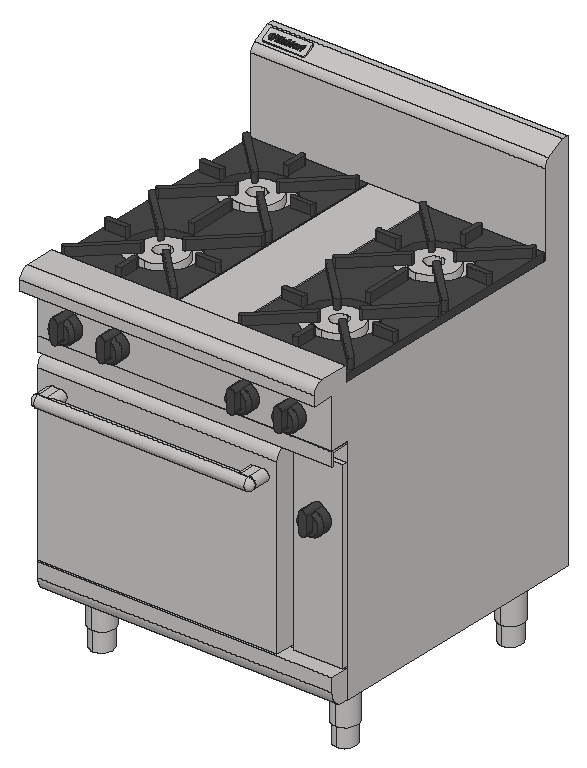
Revit family "QF_MOFFAT WALDORF_RN8510GC", category Specialty Equipment, Revit 2012
Parameters
  Weight in Pounds = 399.0362
  Watts = 130 W
  Volts = 240 V
  URL Cutsheet = "www.moffat.com"
  URL = "www.moffat.com"
  Type Mark [instance] = ""
  Status [instance] = ""
  Specification by User [instance] = ""
  Specification by Manufacturer = ""
  Show Logo [instance] = yes
  Show Clearance [instance] = yes
  Show Casters [instance] = no
  Serial Number = ""
  Seismic Rating = ""
  SMACNA No = ""
  Revision Code [instance] = ""
  Phase = 1
  Omniclass Number and Title = ""
  Number of Poles [instance] = 1
  NAFEM Spec ID Number = ""
  Model = "RN8510GC"
  Min Ckt Ampacity = 0 A
  Mechanical Remarks [instance] = ""
  Mechanical Connection Type [instance] = ""
  Max Overcurrent Protection = 0 A
  Masterspec = ""
  Manufacturer = "MOFFAT WALDORF"
  Legs [instance] = not(Show Casters)  # yes
  Item Number [instance] = ""
  Installed By [instance] = ""
  Identify Quantity as Lot [instance] = yes
  HP = ""
  Gas Size = 3/4"
  Gas RI Height [instance] = 0 mm
  Gas KW [instance] = 39.4
  Gas Input [instance] = 134590.0 Btu/h
  Gas Connection Height = 0 mm
  Furnished By [instance] = ""
  Foodservice Equipment Identifier [instance] = yes
  FL Amps = 0.6 A
  Electrical Remarks [instance] = ""
  Electric Connection Type [instance] = ""
  Elec Conn RI Height [instance] = 0 mm
  Elec Conn Connection Height [instance] = 0 mm
  Description = "RANGE GAS WITH CONVECTION OVEN"
  Cycle = 50 Hz
  Conn Plug = ""
  Conn Conduit = yes
  CSI MasterFormat = ""
  CSI Master Format = ""
  Apparent Power = 0 VA
Reference planes
  plane 1 "BACK": y = 0
  plane 2: z = 0
  plane 3 "LEFT": x = 0
  plane 4 "RIGHT": x = 750
  plane 5 "FRONT": y = -805
  plane 6 "TOP": z = 1130
  plane 7 "Center Y": x = 375
  plane 8 "Center X": y = -402.5
  plane 9: y = -100
  plane 10 "Base Height": z = 150
  plane 11: x = 65.8
  plane 12: x = 620
  plane 13: x = 685
  plane 14: x = 684.2
  plane 15: y = -500
  plane 16: x = 676
  plane 17: y = -625
Forms (mm)
  Extrusion 1, solid, material "QF_Finishes_Stainless Steel"
    sketch origin (0, 0, 0) x (0, 1, 0) y (0, 0, 1)
      loop
        line (-805, 891) -> (-805, 866) -> (-749, 866) -> (-749, 740) -> (-699, 740) -> (-699, 150) -> (0, 150) -> (0, 1130) -> (-16.5, 1130) -> (-58.709, 1105.631)
        arc (-58.709, 1105.631) -> (-66.975, 1097.365) -> (-70, 1086.074) r 22.582
        line (-70, 1086.074) -> (-70, 875) -> (-705, 875) -> (-705, 915) -> (-781, 915)
        arc (-781, 915) -> (-797.971, 907.971) -> (-805, 891) r 24
      loop
        line (-701, 222.5) -> (-749, 222.5) -> (-749, 188)
        arc (-749, 188) -> (-737.87, 161.13) -> (-711, 150) r 38
        line (-711, 150) -> (-701, 150) -> (-701, 222.5)
      loop
        line (-701, 227.5) -> (-701, 692.5) -> (-722.805, 692.5)
        arc (-722.805, 692.5) -> (-741.328, 684.828) -> (-749, 666.305) r 26.195
        line (-749, 666.305) -> (-749, 227.5) -> (-701, 227.5)
      loop
        line (-749, 738) -> (-749, 703) -> (-745.98, 703) -> (-745.98, 735) -> (-701, 735) -> (-701, 738) -> (-749, 738)
    from 0 to 750
  Extrusion 2, solid, material "QF_Finishes_Stainless Steel"
    sketch origin (555.062, 3, 100) x (1, 0, 0) y (0, 1, 0)
      loop
        circle (65, -35) r 13.5
    from 555 to 640
  Revolve 3, solid, material "QF_Finishes_Stainless Steel", visible <- "Legs"
    sketch origin (65, -165, 0) x (0, 1, 0) y (0, 0, 1)
      loop
        line (33.25, 150) -> (33.25, 50) -> (37.5, 50) -> (37.5, 0) -> (65, 0) -> (65, 150) -> (33.25, 150)
      axis (65, 150) -> (65, 0)
    angle from 0 to 360
  Extrusion 4, solid, material "QF_Finishes_Black"
    sketch origin (0, -70, 875) x (0, -1, 0) y (1, 0, 0)
      loop
        arc (1, 4) -> (1.879, 1.879) -> (4, 1) r 3
        line (4, 1) -> (631, 1)
        arc (631, 1) -> (633.121, 1.879) -> (634, 4) r 3
        line (634, 4) -> (634, 297)
        arc (634, 297) -> (633.121, 299.121) -> (631, 300) r 3
        line (631, 300) -> (4, 300)
        arc (4, 300) -> (1.879, 299.121) -> (1, 297) r 3
        line (1, 297) -> (1, 4)
      loop
        circle (167.5, 150) r 85
      loop
        circle (467.768, 150) r 85
    from 0 to 19.5
  Extrusion 5, solid, material "QF_Finishes_Black"
    sketch origin (0, -70, 894.5) x (0, -1, 0) y (1, 0, 0)
      loop
        spline (323.602, 15.153) -> (322.681, 13.924) -> (322.131, 12.47) -> (321.99, 10.89) -> (322.267, 9.292) -> (322.943, 7.786) -> (323.973, 6.473) -> (325.286, 5.443) -> (326.792, 4.767) -> (328.39, 4.49) -> (329.97, 4.631) -> (331.424, 5.181) -> (332.653, 6.102)
        line (332.653, 6.102) -> (440.576, 114.025)
        spline (440.576, 114.025) -> (441.337, 115.095) -> (441.738, 116.399) -> (441.751, 117.851) -> (441.375, 119.35) -> (440.637, 120.795) -> (439.586, 122.086) -> (438.295, 123.137) -> (436.85, 123.875) -> (435.351, 124.251) -> (433.899, 124.238) -> (432.595, 123.837) -> (431.525, 123.076)
        line (431.525, 123.076) -> (323.602, 15.153)
      loop
        line (611.398, 15.153) -> (503.475, 123.076)
        spline (503.475, 123.076) -> (502.405, 123.837) -> (501.101, 124.238) -> (499.649, 124.251) -> (498.15, 123.875) -> (496.705, 123.137) -> (495.414, 122.086) -> (494.363, 120.795) -> (493.625, 119.35) -> (493.249, 117.851) -> (493.262, 116.399) -> (493.663, 115.095) -> (494.424, 114.025)
        line (494.424, 114.025) -> (602.347, 6.102)
        spline (602.347, 6.102) -> (603.416, 5.341) -> (604.721, 4.941) -> (606.172, 4.928) -> (607.671, 5.303) -> (609.116, 6.041) -> (610.408, 7.092) -> (611.459, 8.384) -> (612.197, 9.829) -> (612.572, 11.328) -> (612.559, 12.779) -> (612.159, 14.084) -> (611.398, 15.153)
      loop
        spline (375.602, 143.6) -> (376.896, 143.818) -> (378.102, 144.457) -> (379.138, 145.475) -> (379.932, 146.8) -> (380.432, 148.344) -> (380.602, 150) -> (380.432, 151.656) -> (379.932, 153.2) -> (379.138, 154.525) -> (378.102, 155.543) -> (376.896, 156.182) -> (375.602, 156.4)
        line (375.602, 156.4) -> (259.398, 156.4)
        spline (259.398, 156.4) -> (258.104, 156.182) -> (256.898, 155.543) -> (255.862, 154.525) -> (255.068, 153.2) -> (254.568, 151.656) -> (254.398, 150) -> (254.568, 148.344) -> (255.068, 146.8) -> (255.862, 145.475) -> (256.898, 144.457) -> (258.104, 143.818) -> (259.398, 143.6)
        line (259.398, 143.6) -> (375.602, 143.6)
      loop
        spline (23.602, 15.153) -> (22.681, 13.924) -> (22.131, 12.47) -> (21.99, 10.89) -> (22.267, 9.292) -> (22.943, 7.786) -> (23.973, 6.473) -> (25.286, 5.443) -> (26.792, 4.767) -> (28.39, 4.49) -> (29.97, 4.631) -> (31.424, 5.181) -> (32.653, 6.102)
        line (32.653, 6.102) -> (140.576, 114.025)
        spline (140.576, 114.025) -> (141.337, 115.095) -> (141.738, 116.399) -> (141.751, 117.851) -> (141.375, 119.35) -> (140.637, 120.795) -> (139.586, 122.086) -> (138.295, 123.137) -> (136.85, 123.875) -> (135.351, 124.251) -> (133.899, 124.238) -> (132.595, 123.837) -> (131.525, 123.076)
        line (131.525, 123.076) -> (23.602, 15.153)
      loop
        line (311.398, 15.153) -> (203.475, 123.076)
        spline (203.475, 123.076) -> (202.405, 123.837) -> (201.101, 124.238) -> (199.649, 124.251) -> (198.15, 123.875) -> (196.705, 123.137) -> (195.414, 122.086) -> (194.363, 120.795) -> (193.625, 119.35) -> (193.249, 117.851) -> (193.262, 116.399) -> (193.663, 115.095) -> (194.424, 114.025)
        line (194.424, 114.025) -> (302.347, 6.102)
        spline (302.347, 6.102) -> (303.416, 5.341) -> (304.721, 4.941) -> (306.172, 4.928) -> (307.671, 5.303) -> (309.116, 6.041) -> (310.408, 7.092) -> (311.459, 8.384) -> (312.197, 9.829) -> (312.572, 11.328) -> (312.559, 12.779) -> (312.159, 14.084) -> (311.398, 15.153)
      loop
        line (323.602, 284.847) -> (431.525, 176.924)
        spline (431.525, 176.924) -> (432.595, 176.163) -> (433.899, 175.762) -> (435.351, 175.749) -> (436.85, 176.125) -> (438.295, 176.863) -> (439.586, 177.914) -> (440.637, 179.205) -> (441.375, 180.65) -> (441.751, 182.149) -> (441.738, 183.601) -> (441.337, 184.905) -> (440.576, 185.975)
        line (440.576, 185.975) -> (332.653, 293.898)
        spline (332.653, 293.898) -> (331.424, 294.819) -> (329.97, 295.369) -> (328.39, 295.51) -> (326.792, 295.233) -> (325.286, 294.557) -> (323.973, 293.527) -> (322.943, 292.214) -> (322.267, 290.708) -> (321.99, 289.11) -> (322.131, 287.53) -> (322.681, 286.076) -> (323.602, 284.847)
      loop
        spline (611.398, 284.847) -> (612.159, 285.916) -> (612.559, 287.221) -> (612.572, 288.672) -> (612.197, 290.171) -> (611.459, 291.616) -> (610.408, 292.908) -> (609.116, 293.959) -> (607.671, 294.697) -> (606.172, 295.072) -> (604.721, 295.059) -> (603.416, 294.659) -> (602.347, 293.898)
        line (602.347, 293.898) -> (494.424, 185.975)
        spline (494.424, 185.975) -> (493.663, 184.905) -> (493.262, 183.601) -> (493.249, 182.149) -> (493.625, 180.65) -> (494.363, 179.205) -> (495.414, 177.914) -> (496.705, 176.863) -> (498.15, 176.125) -> (499.649, 175.749) -> (501.101, 175.762) -> (502.405, 176.163) -> (503.475, 176.924)
        line (503.475, 176.924) -> (611.398, 284.847)
      loop
        line (23.602, 284.847) -> (131.525, 176.924)
        spline (131.525, 176.924) -> (132.595, 176.163) -> (133.899, 175.762) -> (135.351, 175.749) -> (136.85, 176.125) -> (138.295, 176.863) -> (139.586, 177.914) -> (140.637, 179.205) -> (141.375, 180.65) -> (141.751, 182.149) -> (141.738, 183.601) -> (141.337, 184.905) -> (140.576, 185.975)
        line (140.576, 185.975) -> (32.653, 293.898)
        spline (32.653, 293.898) -> (31.424, 294.819) -> (29.97, 295.369) -> (28.39, 295.51) -> (26.792, 295.233) -> (25.286, 294.557) -> (23.973, 293.527) -> (22.943, 292.214) -> (22.267, 290.708) -> (21.99, 289.11) -> (22.131, 287.53) -> (22.681, 286.076) -> (23.602, 284.847)
      loop
        spline (311.398, 284.847) -> (312.159, 285.916) -> (312.559, 287.221) -> (312.572, 288.672) -> (312.197, 290.171) -> (311.459, 291.616) -> (310.408, 292.908) -> (309.116, 293.959) -> (307.671, 294.697) -> (306.172, 295.072) -> (304.721, 295.059) -> (303.416, 294.659) -> (302.347, 293.898)
        line (302.347, 293.898) -> (194.424, 185.975)
        spline (194.424, 185.975) -> (193.663, 184.905) -> (193.262, 183.601) -> (193.249, 182.149) -> (193.625, 180.65) -> (194.363, 179.205) -> (195.414, 177.914) -> (196.705, 176.863) -> (198.15, 176.125) -> (199.649, 175.749) -> (201.101, 175.762) -> (202.405, 176.163) -> (203.475, 176.924)
        line (203.475, 176.924) -> (311.398, 284.847)
      loop
        spline (73.711, 143.6) -> (75.005, 143.818) -> (76.211, 144.457) -> (77.247, 145.475) -> (78.041, 146.8) -> (78.541, 148.344) -> (78.711, 150) -> (78.541, 151.656) -> (78.041, 153.2) -> (77.247, 154.525) -> (76.211, 155.543) -> (75.005, 156.182) -> (73.711, 156.4)
        line (73.711, 156.4) -> (24.33, 156.4)
        spline (24.33, 156.4) -> (23.036, 156.182) -> (21.83, 155.543) -> (20.795, 154.525) -> (20, 153.2) -> (19.501, 151.656) -> (19.33, 150) -> (19.501, 148.344) -> (20, 146.8) -> (20.795, 145.475) -> (21.83, 144.457) -> (23.036, 143.818) -> (24.33, 143.6)
        line (24.33, 143.6) -> (73.711, 143.6)
      loop
        spline (607.262, 143.6) -> (608.556, 143.818) -> (609.762, 144.457) -> (610.798, 145.475) -> (611.592, 146.8) -> (612.092, 148.344) -> (612.262, 150) -> (612.092, 151.656) -> (611.592, 153.2) -> (610.798, 154.525) -> (609.762, 155.543) -> (608.556, 156.182) -> (607.262, 156.4)
        line (607.262, 156.4) -> (557.881, 156.4)
        spline (557.881, 156.4) -> (556.587, 156.182) -> (555.381, 155.543) -> (554.345, 154.525) -> (553.551, 153.2) -> (553.051, 151.656) -> (552.881, 150) -> (553.051, 148.344) -> (553.551, 146.8) -> (554.345, 145.475) -> (555.381, 144.457) -> (556.587, 143.818) -> (557.881, 143.6)
        line (557.881, 143.6) -> (607.262, 143.6)
      loop
        spline (474.034, 59.26) -> (473.816, 60.554) -> (473.177, 61.76) -> (472.159, 62.796) -> (470.834, 63.59) -> (469.29, 64.09) -> (467.634, 64.26) -> (465.978, 64.09) -> (464.434, 63.59) -> (463.108, 62.796) -> (462.091, 61.76) -> (461.452, 60.554) -> (461.234, 59.26)
        line (461.234, 59.26) -> (461.234, 9.879)
        spline (461.234, 9.879) -> (461.452, 8.585) -> (462.091, 7.379) -> (463.108, 6.343) -> (464.434, 5.549) -> (465.978, 5.049) -> (467.634, 4.879) -> (469.29, 5.049) -> (470.834, 5.549) -> (472.159, 6.343) -> (473.177, 7.379) -> (473.816, 8.585) -> (474.034, 9.879)
        line (474.034, 9.879) -> (474.034, 59.26)
      loop
        spline (173.766, 59.26) -> (173.548, 60.554) -> (172.909, 61.76) -> (171.892, 62.796) -> (170.566, 63.59) -> (169.022, 64.09) -> (167.366, 64.26) -> (165.71, 64.09) -> (164.166, 63.59) -> (162.841, 62.796) -> (161.823, 61.76) -> (161.184, 60.554) -> (160.966, 59.26)
        line (160.966, 59.26) -> (160.966, 9.879)
        spline (160.966, 9.879) -> (161.184, 8.585) -> (161.823, 7.379) -> (162.841, 6.343) -> (164.166, 5.549) -> (165.71, 5.049) -> (167.366, 4.879) -> (169.022, 5.049) -> (170.566, 5.549) -> (171.892, 6.343) -> (172.909, 7.379) -> (173.548, 8.585) -> (173.766, 9.879)
        line (173.766, 9.879) -> (173.766, 59.26)
      loop
        spline (474.034, 290.74) -> (473.816, 292.034) -> (473.177, 293.24) -> (472.159, 294.276) -> (470.834, 295.07) -> (469.29, 295.57) -> (467.634, 295.74) -> (465.978, 295.57) -> (464.434, 295.07) -> (463.108, 294.276) -> (462.091, 293.24) -> (461.452, 292.034) -> (461.234, 290.74)
        line (461.234, 290.74) -> (461.234, 241.359)
        spline (461.234, 241.359) -> (461.452, 240.065) -> (462.091, 238.859) -> (463.108, 237.823) -> (464.434, 237.029) -> (465.978, 236.529) -> (467.634, 236.359) -> (469.29, 236.529) -> (470.834, 237.029) -> (472.159, 237.823) -> (473.177, 238.859) -> (473.816, 240.065) -> (474.034, 241.359)
        line (474.034, 241.359) -> (474.034, 290.74)
      loop
        spline (173.766, 290.74) -> (173.548, 292.034) -> (172.909, 293.24) -> (171.892, 294.276) -> (170.566, 295.07) -> (169.022, 295.57) -> (167.366, 295.74) -> (165.71, 295.57) -> (164.166, 295.07) -> (162.841, 294.276) -> (161.823, 293.24) -> (161.184, 292.034) -> (160.966, 290.74)
        line (160.966, 290.74) -> (160.966, 241.359)
        spline (160.966, 241.359) -> (161.184, 240.065) -> (161.823, 238.859) -> (162.841, 237.823) -> (164.166, 237.029) -> (165.71, 236.529) -> (167.366, 236.359) -> (169.022, 236.529) -> (170.566, 237.029) -> (171.892, 237.823) -> (172.909, 238.859) -> (173.548, 240.065) -> (173.766, 241.359)
        line (173.766, 241.359) -> (173.766, 290.74)
      loop
        line (323.602, 734.847) -> (431.525, 626.924)
        spline (431.525, 626.924) -> (432.595, 626.163) -> (433.899, 625.762) -> (435.351, 625.749) -> (436.85, 626.125) -> (438.295, 626.863) -> (439.586, 627.914) -> (440.637, 629.205) -> (441.375, 630.65) -> (441.751, 632.149) -> (441.738, 633.601) -> (441.337, 634.905) -> (440.576, 635.975)
        line (440.576, 635.975) -> (332.653, 743.898)
        spline (332.653, 743.898) -> (331.424, 744.819) -> (329.97, 745.369) -> (328.39, 745.51) -> (326.792, 745.233) -> (325.286, 744.557) -> (323.973, 743.527) -> (322.943, 742.214) -> (322.267, 740.708) -> (321.99, 739.11) -> (322.131, 737.53) -> (322.681, 736.076) -> (323.602, 734.847)
      loop
        spline (611.398, 734.847) -> (612.159, 735.916) -> (612.559, 737.221) -> (612.572, 738.672) -> (612.197, 740.171) -> (611.459, 741.616) -> (610.408, 742.908) -> (609.116, 743.959) -> (607.671, 744.697) -> (606.172, 745.072) -> (604.721, 745.059) -> (603.416, 744.659) -> (602.347, 743.898)
        line (602.347, 743.898) -> (494.424, 635.975)
        spline (494.424, 635.975) -> (493.663, 634.905) -> (493.262, 633.601) -> (493.249, 632.149) -> (493.625, 630.65) -> (494.363, 629.205) -> (495.414, 627.914) -> (496.705, 626.863) -> (498.15, 626.125) -> (499.649, 625.749) -> (501.101, 625.762) -> (502.405, 626.163) -> (503.475, 626.924)
        line (503.475, 626.924) -> (611.398, 734.847)
      loop
        line (375.602, 606.4) -> (259.398, 606.4)
        spline (259.398, 606.4) -> (258.104, 606.182) -> (256.898, 605.543) -> (255.862, 604.525) -> (255.068, 603.2) -> (254.568, 601.656) -> (254.398, 600) -> (254.568, 598.344) -> (255.068, 596.8) -> (255.862, 595.475) -> (256.898, 594.457) -> (258.104, 593.818) -> (259.398, 593.6)
        line (259.398, 593.6) -> (375.602, 593.6)
        spline (375.602, 593.6) -> (376.896, 593.818) -> (378.102, 594.457) -> (379.138, 595.475) -> (379.932, 596.8) -> (380.432, 598.344) -> (380.602, 600) -> (380.432, 601.656) -> (379.932, 603.2) -> (379.138, 604.525) -> (378.102, 605.543) -> (376.896, 606.182) -> (375.602, 606.4)
      loop
        line (23.602, 734.847) -> (131.525, 626.924)
        spline (131.525, 626.924) -> (132.595, 626.163) -> (133.899, 625.762) -> (135.351, 625.749) -> (136.85, 626.125) -> (138.295, 626.863) -> (139.586, 627.914) -> (140.637, 629.205) -> (141.375, 630.65) -> (141.751, 632.149) -> (141.738, 633.601) -> (141.337, 634.905) -> (140.576, 635.975)
        line (140.576, 635.975) -> (32.653, 743.898)
        spline (32.653, 743.898) -> (31.424, 744.819) -> (29.97, 745.369) -> (28.39, 745.51) -> (26.792, 745.233) -> (25.286, 744.557) -> (23.973, 743.527) -> (22.943, 742.214) -> (22.267, 740.708) -> (21.99, 739.11) -> (22.131, 737.53) -> (22.681, 736.076) -> (23.602, 734.847)
      loop
        spline (311.398, 734.847) -> (312.159, 735.916) -> (312.559, 737.221) -> (312.572, 738.672) -> (312.197, 740.171) -> (311.459, 741.616) -> (310.408, 742.908) -> (309.116, 743.959) -> (307.671, 744.697) -> (306.172, 745.072) -> (304.721, 745.059) -> (303.416, 744.659) -> (302.347, 743.898)
        line (302.347, 743.898) -> (194.424, 635.975)
        spline (194.424, 635.975) -> (193.663, 634.905) -> (193.262, 633.601) -> (193.249, 632.149) -> (193.625, 630.65) -> (194.363, 629.205) -> (195.414, 627.914) -> (196.705, 626.863) -> (198.15, 626.125) -> (199.649, 625.749) -> (201.101, 625.762) -> (202.405, 626.163) -> (203.475, 626.924)
        line (203.475, 626.924) -> (311.398, 734.847)
      loop
        spline (323.602, 465.153) -> (322.681, 463.924) -> (322.131, 462.47) -> (321.99, 460.89) -> (322.267, 459.292) -> (322.943, 457.786) -> (323.973, 456.473) -> (325.286, 455.443) -> (326.792, 454.767) -> (328.39, 454.49) -> (329.97, 454.631) -> (331.424, 455.181) -> (332.653, 456.102)
        line (332.653, 456.102) -> (440.576, 564.025)
        spline (440.576, 564.025) -> (441.337, 565.095) -> (441.738, 566.399) -> (441.751, 567.851) -> (441.375, 569.35) -> (440.637, 570.795) -> (439.586, 572.086) -> (438.295, 573.137) -> (436.85, 573.875) -> (435.351, 574.251) -> (433.899, 574.238) -> (432.595, 573.837) -> (431.525, 573.076)
        line (431.525, 573.076) -> (323.602, 465.153)
      loop
        line (611.398, 465.153) -> (503.475, 573.076)
        spline (503.475, 573.076) -> (502.405, 573.837) -> (501.101, 574.238) -> (499.649, 574.251) -> (498.15, 573.875) -> (496.705, 573.137) -> (495.414, 572.086) -> (494.363, 570.795) -> (493.625, 569.35) -> (493.249, 567.851) -> (493.262, 566.399) -> (493.663, 565.095) -> (494.424, 564.025)
        line (494.424, 564.025) -> (602.347, 456.102)
        spline (602.347, 456.102) -> (603.416, 455.341) -> (604.721, 454.941) -> (606.172, 454.928) -> (607.671, 455.303) -> (609.116, 456.041) -> (610.408, 457.092) -> (611.459, 458.384) -> (612.197, 459.829) -> (612.572, 461.328) -> (612.559, 462.779) -> (612.159, 464.084) -> (611.398, 465.153)
      loop
        spline (23.602, 465.153) -> (22.681, 463.924) -> (22.131, 462.47) -> (21.99, 460.89) -> (22.267, 459.292) -> (22.943, 457.786) -> (23.973, 456.473) -> (25.286, 455.443) -> (26.792, 454.767) -> (28.39, 454.49) -> (29.97, 454.631) -> (31.424, 455.181) -> (32.653, 456.102)
        line (32.653, 456.102) -> (140.576, 564.025)
        spline (140.576, 564.025) -> (141.337, 565.095) -> (141.738, 566.399) -> (141.751, 567.851) -> (141.375, 569.35) -> (140.637, 570.795) -> (139.586, 572.086) -> (138.295, 573.137) -> (136.85, 573.875) -> (135.351, 574.251) -> (133.899, 574.238) -> (132.595, 573.837) -> (131.525, 573.076)
        line (131.525, 573.076) -> (23.602, 465.153)
      loop
        line (311.398, 465.153) -> (203.475, 573.076)
        spline (203.475, 573.076) -> (202.405, 573.837) -> (201.101, 574.238) -> (199.649, 574.251) -> (198.15, 573.875) -> (196.705, 573.137) -> (195.414, 572.086) -> (194.363, 570.795) -> (193.625, 569.35) -> (193.249, 567.851) -> (193.262, 566.399) -> (193.663, 565.095) -> (194.424, 564.025)
        line (194.424, 564.025) -> (302.347, 456.102)
        spline (302.347, 456.102) -> (303.416, 455.341) -> (304.721, 454.941) -> (306.172, 454.928) -> (307.671, 455.303) -> (309.116, 456.041) -> (310.408, 457.092) -> (311.459, 458.384) -> (312.197, 459.829) -> (312.572, 461.328) -> (312.559, 462.779) -> (312.159, 464.084) -> (311.398, 465.153)
      loop
        line (73.711, 606.4) -> (24.33, 606.4)
        spline (24.33, 606.4) -> (23.036, 606.182) -> (21.83, 605.543) -> (20.795, 604.525) -> (20, 603.2) -> (19.501, 601.656) -> (19.33, 600) -> (19.501, 598.344) -> (20, 596.8) -> (20.795, 595.475) -> (21.83, 594.457) -> (23.036, 593.818) -> (24.33, 593.6)
        line (24.33, 593.6) -> (73.711, 593.6)
        spline (73.711, 593.6) -> (75.005, 593.818) -> (76.211, 594.457) -> (77.247, 595.475) -> (78.041, 596.8) -> (78.541, 598.344) -> (78.711, 600) -> (78.541, 601.656) -> (78.041, 603.2) -> (77.247, 604.525) -> (76.211, 605.543) -> (75.005, 606.182) -> (73.711, 606.4)
      loop
        line (607.262, 606.4) -> (557.881, 606.4)
        spline (557.881, 606.4) -> (556.587, 606.182) -> (555.381, 605.543) -> (554.345, 604.525) -> (553.551, 603.2) -> (553.051, 601.656) -> (552.881, 600) -> (553.051, 598.344) -> (553.551, 596.8) -> (554.345, 595.475) -> (555.381, 594.457) -> (556.587, 593.818) -> (557.881, 593.6)
        line (557.881, 593.6) -> (607.262, 593.6)
        spline (607.262, 593.6) -> (608.556, 593.818) -> (609.762, 594.457) -> (610.798, 595.475) -> (611.592, 596.8) -> (612.092, 598.344) -> (612.262, 600) -> (612.092, 601.656) -> (611.592, 603.2) -> (610.798, 604.525) -> (609.762, 605.543) -> (608.556, 606.182) -> (607.262, 606.4)
      loop
        line (474.034, 690.74) -> (474.034, 740.121)
        spline (474.034, 740.121) -> (473.816, 741.415) -> (473.177, 742.621) -> (472.159, 743.657) -> (470.834, 744.451) -> (469.29, 744.951) -> (467.634, 745.121) -> (465.978, 744.951) -> (464.434, 744.451) -> (463.108, 743.657) -> (462.091, 742.621) -> (461.452, 741.415) -> (461.234, 740.121)
        line (461.234, 740.121) -> (461.234, 690.74)
        spline (461.234, 690.74) -> (461.452, 689.446) -> (462.091, 688.24) -> (463.108, 687.204) -> (464.434, 686.41) -> (465.978, 685.91) -> (467.634, 685.74) -> (469.29, 685.91) -> (470.834, 686.41) -> (472.159, 687.204) -> (473.177, 688.24) -> (473.816, 689.446) -> (474.034, 690.74)
      loop
        line (173.766, 690.74) -> (173.766, 740.121)
        spline (173.766, 740.121) -> (173.548, 741.415) -> (172.909, 742.621) -> (171.892, 743.657) -> (170.566, 744.451) -> (169.022, 744.951) -> (167.366, 745.121) -> (165.71, 744.951) -> (164.166, 744.451) -> (162.841, 743.657) -> (161.823, 742.621) -> (161.184, 741.415) -> (160.966, 740.121)
        line (160.966, 740.121) -> (160.966, 690.74)
        spline (160.966, 690.74) -> (161.184, 689.446) -> (161.823, 688.24) -> (162.841, 687.204) -> (164.166, 686.41) -> (165.71, 685.91) -> (167.366, 685.74) -> (169.022, 685.91) -> (170.566, 686.41) -> (171.892, 687.204) -> (172.909, 688.24) -> (173.548, 689.446) -> (173.766, 690.74)
      loop
        line (474.034, 459.26) -> (474.034, 508.641)
        spline (474.034, 508.641) -> (473.816, 509.935) -> (473.177, 511.141) -> (472.159, 512.177) -> (470.834, 512.971) -> (469.29, 513.471) -> (467.634, 513.641) -> (465.978, 513.471) -> (464.434, 512.971) -> (463.108, 512.177) -> (462.091, 511.141) -> (461.452, 509.935) -> (461.234, 508.641)
        line (461.234, 508.641) -> (461.234, 459.26)
        spline (461.234, 459.26) -> (461.452, 457.966) -> (462.091, 456.76) -> (463.108, 455.724) -> (464.434, 454.93) -> (465.978, 454.43) -> (467.634, 454.26) -> (469.29, 454.43) -> (470.834, 454.93) -> (472.159, 455.724) -> (473.177, 456.76) -> (473.816, 457.966) -> (474.034, 459.26)
      loop
        line (173.766, 459.26) -> (173.766, 508.641)
        spline (173.766, 508.641) -> (173.548, 509.935) -> (172.909, 511.141) -> (171.892, 512.177) -> (170.566, 512.971) -> (169.022, 513.471) -> (167.366, 513.641) -> (165.71, 513.471) -> (164.166, 512.971) -> (162.841, 512.177) -> (161.823, 511.141) -> (161.184, 509.935) -> (160.966, 508.641)
        line (160.966, 508.641) -> (160.966, 459.26)
        spline (160.966, 459.26) -> (161.184, 457.966) -> (161.823, 456.76) -> (162.841, 455.724) -> (164.166, 454.93) -> (165.71, 454.43) -> (167.366, 454.26) -> (169.022, 454.43) -> (170.566, 454.93) -> (171.892, 455.724) -> (172.909, 456.76) -> (173.548, 457.966) -> (173.766, 459.26)
    from 0 to 23.5
  Revolve 6, solid, material "QF_Finishes_Stainless Steel", visible <- "Legs"
    sketch origin (685, -165, 0) x (0, 1, 0) y (0, 0, -1)
      loop
        line (33.25, -150) -> (65, -150) -> (65, 0) -> (37.5, 0) -> (37.5, -50) -> (33.25, -50) -> (33.25, -150)
      axis (65, -150) -> (65, 0)
    angle from 0 to 360
  Extrusion 7, solid, material "QF_Finishes_Stainless Steel"
    sketch origin (0, -70, 875) x (0, -1, 0) y (1, 0, 0)
      loop
        line (634, 300) -> (634, 450) -> (0, 450) -> (0, 300) -> (634, 300)
    from 0 to 19.5
  Extrusion 8, void
    sketch origin (0, -749, 227.5) x (0, 0, -1) y (-1, 0, 0)
      loop
        line (-465, -610) -> (-465, -625) -> (0, -625) -> (0, -610) -> (-465, -610)
    from 0 to 50
  Extrusion 9, solid, material "QF_Finishes_Black"
    sketch origin (750, -70, 875) x (0, -1, 0) y (1, 0, 0)
      loop
        line (1, -4) -> (1, -297)
        arc (1, -297) -> (1.879, -299.121) -> (4, -300) r 3
        line (4, -300) -> (631, -300)
        arc (631, -300) -> (633.121, -299.121) -> (634, -297) r 3
        line (634, -297) -> (634, -4)
        arc (634, -4) -> (633.121, -1.879) -> (631, -1) r 3
        line (631, -1) -> (4, -1)
        arc (4, -1) -> (1.879, -1.879) -> (1, -4) r 3
      loop
        circle (167.5, -150) r 85
      loop
        circle (467.768, -150) r 85
    from 0 to 19.5
  Extrusion 10, solid, material "QF_Finishes_Stainless Steel"
    sketch origin (0, -711, 150) x (1, 0, 0) y (0, -1, 0)
      loop
        circle (676, -211) r 10
    from 0 to 3
  Revolve 11, solid, material "QF_Finishes_Stainless Steel"
    sketch origin (65, -736, 0) x (0, 1, 0) y (0, 0, 1)
      loop
        line (78.25, 150) -> (78.25, 50) -> (82.5, 50) -> (82.5, 0) -> (110, 0) -> (110, 150) -> (78.25, 150)
      axis (110, 150) -> (110, 0)
    angle from 0 to 360
  Revolve 12, solid, material "QF_Finishes_Stainless Steel"
    sketch origin (685, -736, 0) x (0, 1, 0) y (0, 0, -1)
      loop
        line (78.25, -150) -> (110, -150) -> (110, 0) -> (82.5, 0) -> (82.5, -50) -> (78.25, -50) -> (78.25, -150)
      axis (110, -150) -> (110, 0)
    angle from 0 to 360
  Revolve 13, solid, material "QF_Finishes_Black"
    sketch origin (208.75, 0, 599.645) x (0, -1, 0) y (0, 0, 1)
      loop
        line (782, 229.605) -> (759, 229.605) -> (759, 202.105) -> (749, 202.105) -> (749, 197.105) -> (793, 197.105) -> (793, 223.757) -> (782, 229.605)
      axis (793, 197.105) -> (749, 197.105)
    angle from 0 to 360
  Revolve 14, solid, material "QF_Finishes_Black"
    sketch origin (88.749, 0, 599.518) x (0, 1, 0) y (0, 0, -1)
      loop
        line (-782, -229.5) -> (-759, -229.5) -> (-759, -202) -> (-749, -202) -> (-749, -197) -> (-793, -197) -> (-793, -223.651) -> (-782, -229.5)
      axis (-793, -197) -> (-749, -197)
    angle from 0 to 360
  Extrusion 15, solid, material "QF_Finishes_Black"
    sketch origin (227.019, 0, 599.676) x (-1, 0, 0) y (0, 0, -1)
      loop
        arc (148.269, -184.969) -> (138.269, -174.969) -> (128.269, -184.969) r 10
        line (128.269, -184.969) -> (128.269, -223.969)
        arc (128.269, -223.969) -> (138.269, -233.969) -> (148.269, -223.969) r 10
        line (148.269, -223.969) -> (148.269, -184.969)
    from 759 to 808
  Extrusion 16, solid, material "QF_Finishes_Black"
    sketch origin (346.95, 0, 600.926) x (-1, 0, 0) y (0, 0, -1)
      loop
        arc (148.269, -184.969) -> (138.269, -174.969) -> (128.269, -184.969) r 10
        line (128.269, -184.969) -> (128.269, -223.969)
        arc (128.269, -223.969) -> (138.269, -233.969) -> (148.269, -223.969) r 10
        line (148.269, -223.969) -> (148.269, -184.969)
    from 759 to 808
  Revolve 17, solid, material "QF_Finishes_Black"
    sketch origin (538.75, 0, 599.645) x (0, -1, 0) y (0, 0, -1)
      loop
        line (782, -229.605) -> (793, -223.757) -> (793, -197.105) -> (749, -197.105) -> (749, -202.105) -> (759, -202.105) -> (759, -229.605) -> (782, -229.605)
      axis (793, -197.105) -> (749, -197.105)
    angle from 0 to 360
  Revolve 18, solid, material "QF_Finishes_Black"
    sketch origin (658.751, 0, 599.518) x (0, 1, 0) y (0, 0, 1)
      loop
        line (-782, 229.5) -> (-793, 223.651) -> (-793, 197) -> (-749, 197) -> (-749, 202) -> (-759, 202) -> (-759, 229.5) -> (-782, 229.5)
      axis (-793, 197) -> (-749, 197)
    angle from 0 to 360
  Extrusion 19, solid, material "QF_Finishes_Black"
    sketch origin (520.481, 0, 599.676) x (1, 0, 0) y (0, 0, 1)
      loop
        line (148.269, 184.969) -> (148.269, 223.969)
        arc (148.269, 223.969) -> (138.269, 233.969) -> (128.269, 223.969) r 10
        line (128.269, 223.969) -> (128.269, 184.969)
        arc (128.269, 184.969) -> (138.269, 174.969) -> (148.269, 184.969) r 10
    from 759 to 808
  Extrusion 20, solid, material "QF_Finishes_Black"
    sketch origin (400.481, 0, 599.676) x (1, 0, 0) y (0, 0, 1)
      loop
        line (148.269, 184.969) -> (148.269, 223.969)
        arc (148.269, 223.969) -> (138.269, 233.969) -> (128.269, 223.969) r 10
        line (128.269, 223.969) -> (128.269, 184.969)
        arc (128.269, 184.969) -> (138.269, 174.969) -> (148.269, 184.969) r 10
    from 759 to 808
  Revolve 21, solid, material "QF_Finishes_Black"
    sketch origin (687.977, 42.5, 354.062) x (0, 1, 0) y (0, 0, 1)
      loop
        line (-782, 229.5) -> (-793, 223.651) -> (-793, 197) -> (-749, 197) -> (-749, 202) -> (-759, 202) -> (-759, 229.5) -> (-782, 229.5)
      axis (-793, 197) -> (-749, 197)
    angle from 0 to 360
  Extrusion 22, solid, material "QF_Finishes_Black"
    sketch origin (549.708, 42.5, 354.22) x (1, 0, 0) y (0, 0, 1)
      loop
        line (148.269, 184.969) -> (148.269, 223.969)
        arc (148.269, 223.969) -> (138.269, 233.969) -> (128.269, 223.969) r 10
        line (128.269, 223.969) -> (128.269, 184.969)
        arc (128.269, 184.969) -> (138.269, 174.969) -> (148.269, 184.969) r 10
    from 759 to 808
  Extrusion 23, solid, material "QF_Door-Drawer Clearances", visible <- "Show Clearance", detail levels coarse
    sketch origin (0, 0, 0) x (0, -1, 0) y (0, 0, 1)
      loop
        line (749, 690.016) -> (749, 227.5) -> (1211.516, 227.5)
        arc (1211.516, 227.5) -> (1076.048, 554.548) -> (749, 690.016) r 462.516
    from 0 to -610
  Extrusion 24, void
    sketch origin (0, 0, 150) x (-1, 0, 0) y (0, -1, 0)
      loop
        line (-681, 87.26) -> (-681, -30.24) -> (-551.5, -30.24) -> (-551.5, 38.76) -> (-600, 87.26) -> (-681, 87.26)
    from 72.5 to 590
  Extrusion 25, void
    sketch origin (125, -749, 227.5) x (0, 0, -1) y (-1, 0, 0)
      loop
        line (-465, -500) -> (-465, -625) -> (0, -625) -> (0, -500) -> (-465, -500)
    from 0 to 35
  Extrusion 26, solid, material "QF_Finishes_Stainless Steel"
    sketch origin (0, -70, 875) x (0, -1, 0) y (1, 0, 0)
      loop
        circle (467.5, 600) r 57
      loop
        circle (167.5, 600) r 57
      loop
        circle (167.5, 600) r 22
      loop
        circle (467.5, 600) r 22
      loop
        circle (467.5, 150) r 57
      loop
        circle (167.5, 150) r 57
      loop
        circle (167.5, 150) r 22
      loop
        circle (467.5, 150) r 22
    from 0 to 19.5
  Extrusion 27, solid, material "QF_Finishes_Stainless Steel"
    sketch origin (0, -749, 227.5) x (0, 0, 1) y (-1, 0, 0)
      loop
        line (380.625, -38.246) -> (380.625, -58.528)
        arc (380.625, -58.528) -> (395.625, -73.528) -> (410.625, -58.528) r 15
        line (410.625, -58.528) -> (410.625, -38.246)
        arc (410.625, -38.246) -> (395.625, -23.246) -> (380.625, -38.246) r 15
      loop
        arc (380.625, -573.039) -> (395.625, -588.039) -> (410.625, -573.039) r 15
        line (410.625, -573.039) -> (410.625, -552.757)
        arc (410.625, -552.757) -> (395.625, -537.757) -> (380.625, -552.757) r 15
        line (380.625, -552.757) -> (380.625, -573.039)
    from 0 to 44
  Revolve 28, solid, material "QF_Finishes_Stainless Steel"
    sketch origin (0, -793, 0) x (1, 0, 0) y (0, 0, 1)
      loop
        arc (588.039, 623.125) -> (583.646, 633.732) -> (573.039, 638.125) r 15
        line (573.039, 638.125) -> (38.246, 638.125)
        arc (38.246, 638.125) -> (27.64, 633.732) -> (23.246, 623.125) r 15
        line (23.246, 623.125) -> (588.039, 623.125)
      axis (588.039, 623.125) -> (23.246, 623.125)
    angle from 0 to 360
Cuts and joins
  Extrusion 8, Extrusion 24, Extrusion 25 cuts Extrusion 1
Lines and regions (mm)
  Split face 1
    outline origin (22.5, -19.748, 1128.125) x (0, -0.866025, -0.5) y (1, 0, 0)
      loop
        line (1.427, 105.5) -> (35.836, 105.5) -> (35.836, 125.5) -> (1.427, 125.5) -> (1.427, 105.5)
  Split face 2
    outline origin (49.289, -19.748, 1128.125) x (0, -0.866025, -0.5) y (1, 0, 0)
      loop
        line (1.427, 105.5) -> (35.836, 105.5) -> (35.836, 125.5) -> (1.427, 125.5) -> (1.427, 105.5)
  Split face 3
    outline origin (76.967, -19.748, 1128.125) x (0, -0.866025, -0.5) y (1, 0, 0)
      loop
        line (1.427, 105.5) -> (35.836, 105.5) -> (35.836, 125.5) -> (1.427, 125.5) -> (1.427, 105.5)
  Split face 4
    outline origin (103.591, -19.748, 1128.125) x (0, -0.866025, -0.5) y (1, 0, 0)
      loop
        line (1.427, 105.5) -> (35.836, 105.5) -> (35.836, 125.5) -> (1.427, 125.5) -> (1.427, 105.5)
  Split face 5
    outline origin (130.215, -19.748, 1128.125) x (0, -0.866025, -0.5) y (1, 0, 0)
      loop
        line (1.427, 105.5) -> (35.836, 105.5) -> (35.836, 125.5) -> (1.427, 125.5) -> (1.427, 105.5)
  Split face 6
    outline origin (157.366, -19.748, 1128.125) x (0, -0.866025, -0.5) y (1, 0, 0)
      loop
        line (1.427, 105.5) -> (35.836, 105.5) -> (35.836, 125.5) -> (1.427, 125.5) -> (1.427, 105.5)
  Split face 7
    outline origin (184.781, -19.748, 1128.125) x (0, -0.866025, -0.5) y (1, 0, 0)
      loop
        line (1.427, 105.5) -> (35.836, 105.5) -> (35.836, 125.5) -> (1.427, 125.5) -> (1.427, 105.5)
  Split face 8
    outline origin (212.196, -19.748, 1128.125) x (0, -0.866025, -0.5) y (1, 0, 0)
      loop
        line (1.427, 105.5) -> (35.836, 105.5) -> (35.836, 125.5) -> (1.427, 125.5) -> (1.427, 105.5)
  Split face 9
    outline origin (239.61, -19.748, 1128.125) x (0, -0.866025, -0.5) y (1, 0, 0)
      loop
        line (1.427, 105.5) -> (35.836, 105.5) -> (35.836, 125.5) -> (1.427, 125.5) -> (1.427, 105.5)
  Split face 10
    outline origin (267.025, -19.748, 1128.125) x (0, -0.866025, -0.5) y (1, 0, 0)
      loop
        line (1.427, 105.5) -> (35.836, 105.5) -> (35.836, 125.5) -> (1.427, 125.5) -> (1.427, 105.5)
  Split face 11
    outline origin (294.44, -19.748, 1128.125) x (0, -0.866025, -0.5) y (1, 0, 0)
      loop
        line (1.427, 105.5) -> (35.836, 105.5) -> (35.836, 125.5) -> (1.427, 125.5) -> (1.427, 105.5)
  Split face 12
    outline origin (321.855, -19.748, 1128.125) x (0, -0.866025, -0.5) y (1, 0, 0)
      loop
        line (1.427, 105.5) -> (35.836, 105.5) -> (35.836, 125.5) -> (1.427, 125.5) -> (1.427, 105.5)
  Split face 13
    outline origin (349.27, -19.748, 1128.125) x (0, -0.866025, -0.5) y (1, 0, 0)
      loop
        line (1.427, 105.5) -> (35.836, 105.5) -> (35.836, 125.5) -> (1.427, 125.5) -> (1.427, 105.5)
  Split face 14
    outline origin (376.684, -19.748, 1128.125) x (0, -0.866025, -0.5) y (1, 0, 0)
      loop
        line (1.427, 105.5) -> (35.836, 105.5) -> (35.836, 125.5) -> (1.427, 125.5) -> (1.427, 105.5)
  Split face 15
    outline origin (404.099, -19.748, 1128.125) x (0, -0.866025, -0.5) y (1, 0, 0)
      loop
        line (1.427, 105.5) -> (35.836, 105.5) -> (35.836, 125.5) -> (1.427, 125.5) -> (1.427, 105.5)
  Split face 16
    outline origin (431.514, -19.748, 1128.125) x (0, -0.866025, -0.5) y (1, 0, 0)
      loop
        line (1.427, 105.5) -> (35.836, 105.5) -> (35.836, 125.5) -> (1.427, 125.5) -> (1.427, 105.5)
  Split face 17
    outline origin (458.929, -19.748, 1128.125) x (0, -0.866025, -0.5) y (1, 0, 0)
      loop
        line (1.427, 105.5) -> (35.836, 105.5) -> (35.836, 125.5) -> (1.427, 125.5) -> (1.427, 105.5)
  Split face 18
    outline origin (486.343, -19.748, 1128.125) x (0, -0.866025, -0.5) y (1, 0, 0)
      loop
        line (1.427, 105.5) -> (35.836, 105.5) -> (35.836, 125.5) -> (1.427, 125.5) -> (1.427, 105.5)
  Split face 19
    outline origin (0, -70, 894.5) x (0, -1, 0) y (1, 0, 0)
      loop
        circle (45.037, 327.576) r 8
  Split face 20
    outline origin (47.424, -70, 894.5) x (0, -1, 0) y (1, 0, 0)
      loop
        circle (45.037, 327.576) r 8
  Split face 21
    outline origin (750, -70, 894.5) x (0, -1, 0) y (1, 0, 0)
      loop
        circle (45.037, -327.576) r 8
  Split face 22
    outline origin (0, -104, 894.5) x (0, -1, 0) y (1, 0, 0)
      loop
        circle (45.037, 327.576) r 8
  Split face 23
    outline origin (47.424, -104, 894.5) x (0, -1, 0) y (1, 0, 0)
      loop
        circle (45.037, 327.576) r 8
  Split face 24
    outline origin (750, -104, 894.5) x (0, -1, 0) y (1, 0, 0)
      loop
        circle (45.037, -327.576) r 8
  Split face 25
    outline origin (0, -138, 894.5) x (0, -1, 0) y (1, 0, 0)
      loop
        circle (45.037, 327.576) r 8
  Split face 26
    outline origin (47.424, -138, 894.5) x (0, -1, 0) y (1, 0, 0)
      loop
        circle (45.037, 327.576) r 8
  Split face 27
    outline origin (750, -138, 894.5) x (0, -1, 0) y (1, 0, 0)
      loop
        circle (45.037, -327.576) r 8
  Split face 28
    outline origin (0, -172, 894.5) x (0, -1, 0) y (1, 0, 0)
      loop
        circle (45.037, 327.576) r 8
  Split face 29
    outline origin (47.424, -172, 894.5) x (0, -1, 0) y (1, 0, 0)
      loop
        circle (45.037, 327.576) r 8
  Split face 30
    outline origin (750, -172, 894.5) x (0, -1, 0) y (1, 0, 0)
      loop
        circle (45.037, -327.576) r 8
  Split face 31
    outline origin (0, -206, 894.5) x (0, -1, 0) y (1, 0, 0)
      loop
        circle (45.037, 327.576) r 8
  Split face 32
    outline origin (47.424, -206, 894.5) x (0, -1, 0) y (1, 0, 0)
      loop
        circle (45.037, 327.576) r 8
  Split face 33
    outline origin (750, -206, 894.5) x (0, -1, 0) y (1, 0, 0)
      loop
        circle (45.037, -327.576) r 8
  Split face 34
    outline origin (0, -240, 894.5) x (0, -1, 0) y (1, 0, 0)
      loop
        circle (45.037, 327.576) r 8
  Split face 35
    outline origin (47.424, -240, 894.5) x (0, -1, 0) y (1, 0, 0)
      loop
        circle (45.037, 327.576) r 8
  Split face 36
    outline origin (750, -240, 894.5) x (0, -1, 0) y (1, 0, 0)
      loop
        circle (45.037, -327.576) r 8
  Split face 37
    outline origin (0, -274, 894.5) x (0, -1, 0) y (1, 0, 0)
      loop
        circle (45.037, 327.576) r 8
  Split face 38
    outline origin (47.424, -274, 894.5) x (0, -1, 0) y (1, 0, 0)
      loop
        circle (45.037, 327.576) r 8
  Split face 39
    outline origin (750, -274, 894.5) x (0, -1, 0) y (1, 0, 0)
      loop
        circle (45.037, -327.576) r 8
  Split face 40
    outline origin (0, -308, 894.5) x (0, -1, 0) y (1, 0, 0)
      loop
        circle (45.037, 327.576) r 8
  Split face 41
    outline origin (47.424, -308, 894.5) x (0, -1, 0) y (1, 0, 0)
      loop
        circle (45.037, 327.576) r 8
  Split face 42
    outline origin (750, -308, 894.5) x (0, -1, 0) y (1, 0, 0)
      loop
        circle (45.037, -327.576) r 8
  Split face 43
    outline origin (0, -342, 894.5) x (0, -1, 0) y (1, 0, 0)
      loop
        circle (45.037, 327.576) r 8
  Split face 44
    outline origin (47.424, -342, 894.5) x (0, -1, 0) y (1, 0, 0)
      loop
        circle (45.037, 327.576) r 8
  Split face 45
    outline origin (750, -342, 894.5) x (0, -1, 0) y (1, 0, 0)
      loop
        circle (45.037, -327.576) r 8
  Split face 46
    outline origin (0, -376, 894.5) x (0, -1, 0) y (1, 0, 0)
      loop
        circle (45.037, 327.576) r 8
  Split face 47
    outline origin (47.424, -376, 894.5) x (0, -1, 0) y (1, 0, 0)
      loop
        circle (45.037, 327.576) r 8
  Split face 48
    outline origin (750, -376, 894.5) x (0, -1, 0) y (1, 0, 0)
      loop
        circle (45.037, -327.576) r 8
  Split face 49
    outline origin (0, -410, 894.5) x (0, -1, 0) y (1, 0, 0)
      loop
        circle (45.037, 327.576) r 8
  Split face 50
    outline origin (47.424, -410, 894.5) x (0, -1, 0) y (1, 0, 0)
      loop
        circle (45.037, 327.576) r 8
  Split face 51
    outline origin (750, -410, 894.5) x (0, -1, 0) y (1, 0, 0)
      loop
        circle (45.037, -327.576) r 8
  Split face 52
    outline origin (0, -444, 894.5) x (0, -1, 0) y (1, 0, 0)
      loop
        circle (45.037, 327.576) r 8
  Split face 53
    outline origin (47.424, -444, 894.5) x (0, -1, 0) y (1, 0, 0)
      loop
        circle (45.037, 327.576) r 8
  Split face 54
    outline origin (750, -444, 894.5) x (0, -1, 0) y (1, 0, 0)
      loop
        circle (45.037, -327.576) r 8
  Split face 55
    outline origin (0, -478, 894.5) x (0, -1, 0) y (1, 0, 0)
      loop
        circle (45.037, 327.576) r 8
  Split face 56
    outline origin (47.424, -478, 894.5) x (0, -1, 0) y (1, 0, 0)
      loop
        circle (45.037, 327.576) r 8
  Split face 57
    outline origin (750, -478, 894.5) x (0, -1, 0) y (1, 0, 0)
      loop
        circle (45.037, -327.576) r 8
  Split face 58
    outline origin (0, -512, 894.5) x (0, -1, 0) y (1, 0, 0)
      loop
        circle (45.037, 327.576) r 8
  Split face 59
    outline origin (47.424, -512, 894.5) x (0, -1, 0) y (1, 0, 0)
      loop
        circle (45.037, 327.576) r 8
  Split face 60
    outline origin (750, -512, 894.5) x (0, -1, 0) y (1, 0, 0)
      loop
        circle (45.037, -327.576) r 8
  Split face 61
    outline origin (0, -546, 894.5) x (0, -1, 0) y (1, 0, 0)
      loop
        circle (45.037, 327.576) r 8
  Split face 62
    outline origin (47.424, -546, 894.5) x (0, -1, 0) y (1, 0, 0)
      loop
        circle (45.037, 327.576) r 8
  Split face 63
    outline origin (750, -546, 894.5) x (0, -1, 0) y (1, 0, 0)
      loop
        circle (45.037, -327.576) r 8
  Split face 64
    outline origin (0, -580, 894.5) x (0, -1, 0) y (1, 0, 0)
      loop
        circle (45.037, 327.576) r 8
  Split face 65
    outline origin (47.424, -580, 894.5) x (0, -1, 0) y (1, 0, 0)
      loop
        circle (45.037, 327.576) r 8
  Split face 66
    outline origin (750, -580, 894.5) x (0, -1, 0) y (1, 0, 0)
      loop
        circle (45.037, -327.576) r 8
  Split face 67
    outline origin (0, -614, 894.5) x (0, -1, 0) y (1, 0, 0)
      loop
        circle (45.037, 327.576) r 8
  Split face 68
    outline origin (47.424, -614, 894.5) x (0, -1, 0) y (1, 0, 0)
      loop
        circle (45.037, 327.576) r 8
  Split face 69
    outline origin (750, -614, 894.5) x (0, -1, 0) y (1, 0, 0)
      loop
        circle (45.037, -327.576) r 8
  symbolic lines
    curve 1: line (0, 0, 0) -> (0, -805, 0)
    curve 2: line (750, 0, 0) -> (0, 0, 0)
    curve 3: line (750, -805, 0) -> (750, 0, 0)
    curve 4: line (0, -805, 0) -> (750, -805, 0)
    curve 9: line (750, -705, 0) -> (0, -705, 0)
    curve 10: line (128, -50.782, 0) -> (128, -20.984, 0)
    curve 11: line (128, -20.984, 0) -> (148, -20.984, 0)
    curve 12: line (148, -20.984, 0) -> (148, -50.782, 0)
    curve 13: line (148, -50.782, 0) -> (128, -50.782, 0)
    curve 14: line (154.789, -50.782, 0) -> (154.789, -20.984, 0)
    curve 15: line (154.789, -20.984, 0) -> (174.789, -20.984, 0)
    curve 16: line (174.789, -20.984, 0) -> (174.789, -50.782, 0)
    curve 17: line (174.789, -50.782, 0) -> (154.789, -50.782, 0)
    curve 18: line (182.467, -20.984, 0) -> (202.467, -20.984, 0)
    curve 19: line (202.467, -20.984, 0) -> (202.467, -50.782, 0)
    curve 20: line (202.467, -50.782, 0) -> (182.467, -50.782, 0)
    curve 21: line (182.467, -50.782, 0) -> (182.467, -20.984, 0)
    curve 22: line (229.091, -20.984, 0) -> (209.091, -20.984, 0)
    curve 23: line (209.091, -20.984, 0) -> (209.091, -50.782, 0)
    curve 24: line (209.091, -50.782, 0) -> (229.091, -50.782, 0)
    curve 25: line (229.091, -50.782, 0) -> (229.091, -20.984, 0)
    curve 26: line (255.715, -20.984, 0) -> (235.715, -20.984, 0)
    curve 27: line (235.715, -20.984, 0) -> (235.715, -50.782, 0)
    curve 28: line (235.715, -50.782, 0) -> (255.715, -50.782, 0)
    curve 29: line (255.715, -50.782, 0) -> (255.715, -20.984, 0)
    curve 30: arc (150, -180.5, 0) -> (93, -237.5, 0) -> (150, -294.5, 0) r 57
    curve 31: arc (150, -294.5, 0) -> (207, -237.5, 0) -> (150, -180.5, 0) r 57
    curve 32: arc (150, -480.5, 0) -> (93, -537.5, 0) -> (150, -594.5, 0) r 57
    curve 33: arc (150, -594.5, 0) -> (207, -537.5, 0) -> (150, -480.5, 0) r 57
    curve 34: line (5.842, -93.966, 0) -> (121.036, -209.16, 0)
    curve 35: line (150.016, -91.33, 0) -> (150.016, -152.5, 0)
    curve 36: line (4.26, -237.366, 0) -> (64.26, -237.366, 0)
    curve 37: line (121.121, -265.113, 0) -> (6.585, -379.648, 0)
    curve 38: line (177.796, -265.64, 0) -> (287.397, -375.241, 0)
    curve 39: line (176.788, -209.684, 0) -> (286.472, -100, 0)
    curve 40: line (5.842, -681.034, 0) -> (121.036, -565.84, 0)
    curve 41: line (149.988, -683.67, 0) -> (149.988, -622.768, 0)
    curve 42: line (4.26, -537.634, 0) -> (64.26, -537.634, 0)
    curve 43: line (121.121, -509.887, 0) -> (6.585, -395.352, 0)
    curve 44: line (177.796, -509.36, 0) -> (284.656, -402.5, 0)
    curve 45: line (149.988, -452.768, 0) -> (149.988, -334.397, 0)
    curve 46: line (176.788, -565.316, 0) -> (286.389, -674.918, 0)
    curve 47: line (0, -70, 0) -> (750, -70, 0)
    curve 48: line (0, -387.5, 0) -> (300, -387.5, 0)
    curve 49: line (282.652, -20.984, 0) -> (262.652, -20.984, 0)
    curve 50: line (262.652, -20.984, 0) -> (262.652, -50.782, 0)
    curve 51: line (262.652, -50.782, 0) -> (282.652, -50.782, 0)
    curve 52: line (282.652, -50.782, 0) -> (282.652, -20.984, 0)
    curve 53: line (310.066, -20.984, 0) -> (290.066, -20.984, 0)
    curve 54: line (290.066, -20.984, 0) -> (290.066, -50.782, 0)
    curve 55: line (290.066, -50.782, 0) -> (310.066, -50.782, 0)
    curve 56: line (310.066, -50.782, 0) -> (310.066, -20.984, 0)
    curve 57: line (337.481, -20.984, 0) -> (317.481, -20.984, 0)
    curve 58: line (317.481, -20.984, 0) -> (317.481, -50.782, 0)
    curve 59: line (317.481, -50.782, 0) -> (337.481, -50.782, 0)
    curve 60: line (337.481, -50.782, 0) -> (337.481, -20.984, 0)
    curve 61: line (364.896, -20.984, 0) -> (344.896, -20.984, 0)
    curve 62: line (344.896, -20.984, 0) -> (344.896, -50.782, 0)
    curve 63: line (344.896, -50.782, 0) -> (364.896, -50.782, 0)
    curve 64: line (364.896, -50.782, 0) -> (364.896, -20.984, 0)
    curve 65: line (392.311, -20.984, 0) -> (372.311, -20.984, 0)
    curve 66: line (372.311, -20.984, 0) -> (372.311, -50.782, 0)
    curve 67: line (372.311, -50.782, 0) -> (392.311, -50.782, 0)
    curve 68: line (392.311, -50.782, 0) -> (392.311, -20.984, 0)
    curve 69: line (419.725, -20.984, 0) -> (399.725, -20.984, 0)
    curve 70: line (399.725, -20.984, 0) -> (399.725, -50.782, 0)
    curve 71: line (399.725, -50.782, 0) -> (419.725, -50.782, 0)
    curve 72: line (419.725, -50.782, 0) -> (419.725, -20.984, 0)
    curve 73: line (447.14, -20.984, 0) -> (427.14, -20.984, 0)
    curve 74: line (427.14, -20.984, 0) -> (427.14, -50.782, 0)
    curve 75: line (427.14, -50.782, 0) -> (447.14, -50.782, 0)
    curve 76: line (447.14, -50.782, 0) -> (447.14, -20.984, 0)
    curve 77: arc (327.576, -123.037, 0) -> (335.576, -115.037, 0) -> (327.576, -107.037, 0) r 8
    curve 78: arc (327.576, -107.037, 0) -> (319.576, -115.037, 0) -> (327.576, -123.037, 0) r 8
    curve 79: arc (375, -123.037, 0) -> (383, -115.037, 0) -> (375, -107.037, 0) r 8
    curve 80: arc (375, -107.037, 0) -> (367, -115.037, 0) -> (375, -123.037, 0) r 8
    curve 81: arc (422.424, -123.037, 0) -> (430.424, -115.037, 0) -> (422.424, -107.037, 0) r 8
    curve 82: arc (422.424, -107.037, 0) -> (414.424, -115.037, 0) -> (422.424, -123.037, 0) r 8
    curve 83: arc (327.576, -157.037, 0) -> (335.576, -149.037, 0) -> (327.576, -141.037, 0) r 8
    curve 84: arc (327.576, -141.037, 0) -> (319.576, -149.037, 0) -> (327.576, -157.037, 0) r 8
    curve 85: arc (375, -157.037, 0) -> (383, -149.037, 0) -> (375, -141.037, 0) r 8
    curve 86: arc (375, -141.037, 0) -> (367, -149.037, 0) -> (375, -157.037, 0) r 8
    curve 87: arc (422.424, -157.037, 0) -> (430.424, -149.037, 0) -> (422.424, -141.037, 0) r 8
    curve 88: arc (422.424, -141.037, 0) -> (414.424, -149.037, 0) -> (422.424, -157.037, 0) r 8
    curve 89: arc (327.576, -191.037, 0) -> (335.576, -183.037, 0) -> (327.576, -175.037, 0) r 8
    curve 90: arc (327.576, -175.037, 0) -> (319.576, -183.037, 0) -> (327.576, -191.037, 0) r 8
    curve 91: arc (375, -191.037, 0) -> (383, -183.037, 0) -> (375, -175.037, 0) r 8
    curve 92: arc (375, -175.037, 0) -> (367, -183.037, 0) -> (375, -191.037, 0) r 8
    curve 93: arc (422.424, -191.037, 0) -> (430.424, -183.037, 0) -> (422.424, -175.037, 0) r 8
    curve 94: arc (422.424, -175.037, 0) -> (414.424, -183.037, 0) -> (422.424, -191.037, 0) r 8
    curve 95: arc (327.576, -225.037, 0) -> (335.576, -217.037, 0) -> (327.576, -209.037, 0) r 8
    curve 96: arc (327.576, -209.037, 0) -> (319.576, -217.037, 0) -> (327.576, -225.037, 0) r 8
    curve 97: arc (375, -225.037, 0) -> (383, -217.037, 0) -> (375, -209.037, 0) r 8
    curve 98: arc (375, -209.037, 0) -> (367, -217.037, 0) -> (375, -225.037, 0) r 8
    curve 99: arc (422.424, -225.037, 0) -> (430.424, -217.037, 0) -> (422.424, -209.037, 0) r 8
    curve 100: arc (422.424, -209.037, 0) -> (414.424, -217.037, 0) -> (422.424, -225.037, 0) r 8
    curve 101: arc (327.576, -259.037, 0) -> (335.576, -251.037, 0) -> (327.576, -243.037, 0) r 8
    curve 102: arc (327.576, -243.037, 0) -> (319.576, -251.037, 0) -> (327.576, -259.037, 0) r 8
    curve 103: arc (375, -259.037, 0) -> (383, -251.037, 0) -> (375, -243.037, 0) r 8
    curve 104: arc (375, -243.037, 0) -> (367, -251.037, 0) -> (375, -259.037, 0) r 8
    curve 105: arc (422.424, -259.037, 0) -> (430.424, -251.037, 0) -> (422.424, -243.037, 0) r 8
    curve 106: arc (422.424, -243.037, 0) -> (414.424, -251.037, 0) -> (422.424, -259.037, 0) r 8
    curve 107: arc (327.576, -293.037, 0) -> (335.576, -285.037, 0) -> (327.576, -277.037, 0) r 8
    curve 108: arc (327.576, -277.037, 0) -> (319.576, -285.037, 0) -> (327.576, -293.037, 0) r 8
    curve 109: arc (375, -293.037, 0) -> (383, -285.037, 0) -> (375, -277.037, 0) r 8
    curve 110: arc (375, -277.037, 0) -> (367, -285.037, 0) -> (375, -293.037, 0) r 8
    curve 111: arc (422.424, -293.037, 0) -> (430.424, -285.037, 0) -> (422.424, -277.037, 0) r 8
    curve 112: arc (422.424, -277.037, 0) -> (414.424, -285.037, 0) -> (422.424, -293.037, 0) r 8
    curve 113: arc (327.576, -327.037, 0) -> (335.576, -319.037, 0) -> (327.576, -311.037, 0) r 8
    curve 114: arc (327.576, -311.037, 0) -> (319.576, -319.037, 0) -> (327.576, -327.037, 0) r 8
    curve 115: arc (375, -327.037, 0) -> (383, -319.037, 0) -> (375, -311.037, 0) r 8
    curve 116: arc (375, -311.037, 0) -> (367, -319.037, 0) -> (375, -327.037, 0) r 8
    curve 117: arc (422.424, -327.037, 0) -> (430.424, -319.037, 0) -> (422.424, -311.037, 0) r 8
    curve 118: arc (422.424, -311.037, 0) -> (414.424, -319.037, 0) -> (422.424, -327.037, 0) r 8
    curve 119: arc (327.576, -361.037, 0) -> (335.576, -353.037, 0) -> (327.576, -345.037, 0) r 8
    curve 120: arc (327.576, -345.037, 0) -> (319.576, -353.037, 0) -> (327.576, -361.037, 0) r 8
    curve 121: arc (375, -361.037, 0) -> (383, -353.037, 0) -> (375, -345.037, 0) r 8
    curve 122: arc (375, -345.037, 0) -> (367, -353.037, 0) -> (375, -361.037, 0) r 8
    curve 123: arc (422.424, -361.037, 0) -> (430.424, -353.037, 0) -> (422.424, -345.037, 0) r 8
    curve 124: arc (422.424, -345.037, 0) -> (414.424, -353.037, 0) -> (422.424, -361.037, 0) r 8
    curve 125: arc (327.576, -395.037, 0) -> (335.576, -387.037, 0) -> (327.576, -379.037, 0) r 8
    curve 126: arc (327.576, -379.037, 0) -> (319.576, -387.037, 0) -> (327.576, -395.037, 0) r 8
    curve 127: arc (375, -395.037, 0) -> (383, -387.037, 0) -> (375, -379.037, 0) r 8
    curve 128: arc (375, -379.037, 0) -> (367, -387.037, 0) -> (375, -395.037, 0) r 8
    curve 129: arc (422.424, -395.037, 0) -> (430.424, -387.037, 0) -> (422.424, -379.037, 0) r 8
    curve 130: arc (422.424, -379.037, 0) -> (414.424, -387.037, 0) -> (422.424, -395.037, 0) r 8
    curve 131: arc (327.576, -429.037, 0) -> (335.576, -421.037, 0) -> (327.576, -413.037, 0) r 8
    curve 132: arc (327.576, -413.037, 0) -> (319.576, -421.037, 0) -> (327.576, -429.037, 0) r 8
    curve 133: arc (375, -429.037, 0) -> (383, -421.037, 0) -> (375, -413.037, 0) r 8
    curve 134: arc (375, -413.037, 0) -> (367, -421.037, 0) -> (375, -429.037, 0) r 8
    curve 135: arc (422.424, -429.037, 0) -> (430.424, -421.037, 0) -> (422.424, -413.037, 0) r 8
    curve 136: arc (422.424, -413.037, 0) -> (414.424, -421.037, 0) -> (422.424, -429.037, 0) r 8
    curve 137: arc (327.576, -463.037, 0) -> (335.576, -455.037, 0) -> (327.576, -447.037, 0) r 8
    curve 138: arc (327.576, -447.037, 0) -> (319.576, -455.037, 0) -> (327.576, -463.037, 0) r 8
    curve 139: arc (375, -463.037, 0) -> (383, -455.037, 0) -> (375, -447.037, 0) r 8
    curve 140: arc (375, -447.037, 0) -> (367, -455.037, 0) -> (375, -463.037, 0) r 8
    curve 141: arc (422.424, -463.037, 0) -> (430.424, -455.037, 0) -> (422.424, -447.037, 0) r 8
    curve 142: arc (422.424, -447.037, 0) -> (414.424, -455.037, 0) -> (422.424, -463.037, 0) r 8
    curve 143: arc (327.576, -497.037, 0) -> (335.576, -489.037, 0) -> (327.576, -481.037, 0) r 8
    curve 144: arc (327.576, -481.037, 0) -> (319.576, -489.037, 0) -> (327.576, -497.037, 0) r 8
    curve 145: arc (375, -497.037, 0) -> (383, -489.037, 0) -> (375, -481.037, 0) r 8
    curve 146: arc (375, -481.037, 0) -> (367, -489.037, 0) -> (375, -497.037, 0) r 8
    curve 147: arc (422.424, -497.037, 0) -> (430.424, -489.037, 0) -> (422.424, -481.037, 0) r 8
    curve 148: arc (422.424, -481.037, 0) -> (414.424, -489.037, 0) -> (422.424, -497.037, 0) r 8
    curve 149: arc (327.576, -531.037, 0) -> (335.576, -523.037, 0) -> (327.576, -515.037, 0) r 8
    curve 150: arc (327.576, -515.037, 0) -> (319.576, -523.037, 0) -> (327.576, -531.037, 0) r 8
    curve 151: arc (375, -531.037, 0) -> (383, -523.037, 0) -> (375, -515.037, 0) r 8
    curve 152: arc (375, -515.037, 0) -> (367, -523.037, 0) -> (375, -531.037, 0) r 8
    curve 153: arc (422.424, -531.037, 0) -> (430.424, -523.037, 0) -> (422.424, -515.037, 0) r 8
    curve 154: arc (422.424, -515.037, 0) -> (414.424, -523.037, 0) -> (422.424, -531.037, 0) r 8
    curve 155: arc (327.576, -565.037, 0) -> (335.576, -557.037, 0) -> (327.576, -549.037, 0) r 8
    curve 156: arc (327.576, -549.037, 0) -> (319.576, -557.037, 0) -> (327.576, -565.037, 0) r 8
    curve 157: arc (375, -565.037, 0) -> (383, -557.037, 0) -> (375, -549.037, 0) r 8
    curve 158: arc (375, -549.037, 0) -> (367, -557.037, 0) -> (375, -565.037, 0) r 8
    curve 159: arc (422.424, -565.037, 0) -> (430.424, -557.037, 0) -> (422.424, -549.037, 0) r 8
    curve 160: arc (422.424, -549.037, 0) -> (414.424, -557.037, 0) -> (422.424, -565.037, 0) r 8
    curve 161: arc (327.576, -599.037, 0) -> (335.576, -591.037, 0) -> (327.576, -583.037, 0) r 8
    curve 162: arc (327.576, -583.037, 0) -> (319.576, -591.037, 0) -> (327.576, -599.037, 0) r 8
    curve 163: arc (375, -599.037, 0) -> (383, -591.037, 0) -> (375, -583.037, 0) r 8
